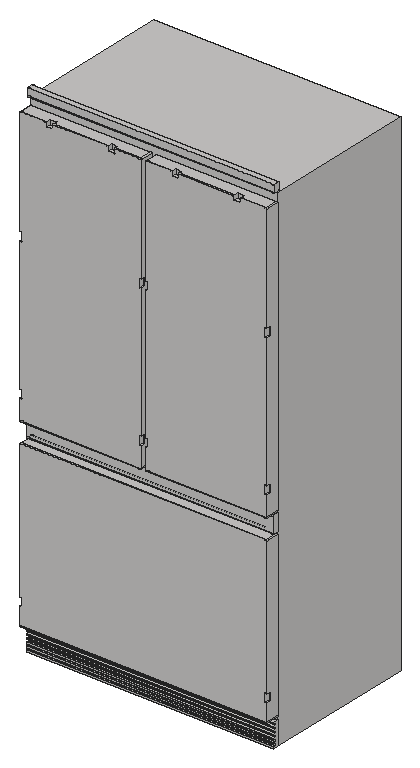
Revit family "013_FP_TheKitchenTools_RS36A72J1_CustomPanels_Fridge", category Generic Models, Revit 2013
Parameters
  Width = 896 mm
  URL = "https://www.fisherpaykel.com/nz/kitchen/fridges-freezers/french-door/"
  Model = "RS36A72J1_Fridge"
  Manufacturer = "Fisher & Paykel"
  Main = Stainless Steel, Polished
  Legs = Rubber, Black
  Height = 1824.931 mm
  Handles = Stainless Steel, Polished
  Grille = Stainless Steel, Polished
  Doors = Stainless Steel, Polished
  Depth = 606.321 mm
Reference planes
  plane 1 "Center (Front/Back)": y = 0
  plane 2: z = 0
  plane 3 "Center (Left/Right)": x = 0
  plane 4: y = 10.015
Dimensions and locks
  plane 4 to plane 1 "Center (Front/Back)" = 10.015 mm
  aligned and locked: plane 2 to level
Nested families
  nested 1: "Fridge13" at (0, 0, -0.131), type "Fridge13"
Definition of nested family "Fridge13"
  Parameters (values of type "Fridge13")
    width = 896 mm
    height = 1824.931 mm
    depth = 606.321 mm
    Main = Stainless Steel, Polished
    Legs = Rubber, Black
    Ice = Rubber, Black
    Handles = Stainless Steel, Polished
    Grille = Stainless Steel, Polished
    Doors = Stainless Steel, Polished
  Reference planes
    plane 1 "Center (Front/Back)": y = 0
    plane 2: z = 0
    plane 3 "Center (Left/Right)": x = 0
    plane 4: x = -448
    plane 5: x = 448
    plane 6: x = -445
    plane 7: x = 445
    plane 8: y = 618
    plane 9: y = 68
    plane 10: z = 1798
    plane 11: z = 1493.8
    plane 12: z = 1392.201
    plane 13: z = 1793.5
    plane 14: z = 762.6
    plane 15: z = 759.5
    plane 16: z = 697.5
    plane 17: z = 692.5
    plane 18: z = 702
    plane 19: z = 698
    plane 20: x = -438
    plane 21: x = 59
    plane 22: x = 75
    plane 23: x = 444
    plane 24 "Ice": y = 8
    plane 25: y = 18
    plane 26: y = 13
    plane 27: y = 1.046
    plane 28 "Top": z = 1824.931
    plane 29: x = 449.2
    plane 30: x = -2
    plane 31: x = 2
  Forms (mm)
    Extrusion 1, solid, material "Stainless Steel, Polished" <- "Main"
      sketch origin (0, 0, 0) x (0, 1, 0) y (0, 0, 1)
        loop
          line (621, 6.131) -> (621, 1793.631) -> (68, 1793.631) -> (68, 6.131) -> (621, 6.131)
      from -445 to 445
    Extrusion 2, solid, material "Stainless Steel, Polished" <- "Main"
      sketch origin (0, 0, 0) x (0, 1, 0) y (0, 0, 1)
        loop
          arc (51.996, 759.631) -> (51.292, 759.34) -> (51, 758.636) r 0.996
          line (51, 758.636) -> (51, 698.631)
          arc (51, 698.631) -> (51.293, 697.924) -> (52, 697.631) r 1
          line (52, 697.631) -> (67, 697.631)
          arc (67, 697.631) -> (67.707, 697.338) -> (68, 696.631) r 1
          line (68, 696.631) -> (68, 760.631)
          arc (68, 760.631) -> (67.707, 759.924) -> (67, 759.631) r 1
          line (67, 759.631) -> (51.996, 759.631)
      from -445 to 445
    Extrusion 3, solid, material "Stainless Steel, Polished" <- "Main"
      sketch origin (0, 0, 0) x (0, 1, 0) y (0, 0, 1)
        loop
          line (68, 692.631) -> (22.1, 692.631)
          arc (22.1, 692.631) -> (21.322, 692.309) -> (21, 691.531) r 1.1
          line (21, 691.531) -> (21, 101.731)
          arc (21, 101.731) -> (21.322, 100.954) -> (22.1, 100.631) r 1.1
          line (22.1, 100.631) -> (68, 100.631) -> (68, 692.631)
        loop
          line (68, 762.731) -> (68, 1763.731) -> (22.089, 1763.731)
          arc (22.089, 1763.731) -> (21.319, 1763.412) -> (21, 1762.642) r 1.089
          line (21, 1762.642) -> (21, 763.825)
          arc (21, 763.825) -> (21.32, 763.052) -> (22.093, 762.731) r 1.093
          line (22.093, 762.731) -> (68, 762.731)
      from -445 to 445
    Extrusion 4, solid, material "Stainless Steel, Polished" <- "Grille"
      sketch origin (0, 0, 0.131) x (0, 1, 0) y (0, 0, 1)
        loop
          line (68, 6) -> (68, 90.305) -> (50.5, 90) -> (50.5, 85.5) -> (58.5, 85.081) -> (58.5, 78.313) -> (50.5, 76.903) -> (50.5, 72.403) -> (58.5, 71.984) -> (58.5, 65.216) -> (50.5, 63.806) -> (50.5, 59.306) -> (58.5, 58.886) -> (58.5, 52.119) -> (50.5, 50.709) -> (50.5, 46.209) -> (58.5, 45.789) -> (58.5, 39.022) -> (50.5, 37.611) -> (50.5, 33.111) -> (58.5, 32.692) -> (58.5, 25.925) -> (50.5, 24.514) -> (50.5, 20.014) -> (58.5, 19.595) -> (58.5, 12.828) -> (50.5, 11.417) -> (50.5, 6.917) -> (68, 6)
      from -445 to 445
    Extrusion 5, solid, material "Rubber, Black" <- "Legs"
      sketch origin (0, 0, 0.131) x (0, 1, 0) y (0, 0, 1)
        loop
          line (610.248, 6) -> (577.752, 6)
          arc (577.752, 6) -> (594, 0) -> (610.248, 6) r 25
        loop
          line (114.248, 6) -> (81.752, 6)
          arc (81.752, 6) -> (98, 0) -> (114.248, 6) r 25
      from 385 to 435
    Extrusion 6, solid, material "Rubber, Black" <- "Legs"
      sketch origin (0, 0, 17.3) x (0, 1, 0) y (0, 0, -1)
        loop
          arc (610.248, 11.168) -> (594, 17.168) -> (577.752, 11.168) r 25
          line (577.752, 11.168) -> (610.248, 11.168)
        loop
          arc (114.251, 11.168) -> (98.003, 17.168) -> (81.755, 11.168) r 25
          line (81.755, 11.168) -> (114.251, 11.168)
      from 385 to 435
    Extrusion 7, solid, material "Stainless Steel, Polished" <- "Main"
      sketch origin (0, 0, 0) x (0, 1, 0) y (0, 0, 1)
        loop
          line (68, 1793.631) -> (74.8, 1793.631) -> (74.8, 1800.968) -> (68, 1800.968) -> (68, 1793.631)
      from -445 to 445
    Extrusion 8, solid, material "Stainless Steel, Polished" <- "Main"
      sketch origin (0, 0, 0) x (0, 1, 0) y (0, 0, 1)
        loop
          line (74.294, 1824.631) -> (55.298, 1824.631)
          arc (55.298, 1824.631) -> (54.946, 1824.485) -> (54.8, 1824.133) r 0.498
          line (54.8, 1824.133) -> (54.8, 1797.137)
          arc (54.8, 1797.137) -> (54.948, 1796.779) -> (55.306, 1796.631) r 0.506
          line (55.306, 1796.631) -> (74.298, 1796.631)
          arc (74.298, 1796.631) -> (74.653, 1796.779) -> (74.8, 1797.134) r 0.502
          line (74.8, 1797.134) -> (74.8, 1824.125)
          arc (74.8, 1824.125) -> (74.652, 1824.483) -> (74.294, 1824.631) r 0.506
      from -445 to 445
    Extrusion 9, void
      sketch origin (0, 0, 0) x (1, 0, 0) y (0, 0, 1)
        loop
          arc (-441.5, 100.631) -> (-443.929, 101.61) -> (-445, 104) r 3.503
          line (-445, 104) -> (-445, 100.631) -> (-441.5, 100.631)
        loop
          line (441.5, 100.631) -> (445, 100.631) -> (445, 104)
          arc (445, 104) -> (443.929, 101.61) -> (441.5, 100.631) r 3.503
        loop
          line (445, 689.131) -> (445, 692.631) -> (441.5, 692.631)
          arc (441.5, 692.631) -> (443.975, 691.606) -> (445, 689.131) r 3.5
        loop
          arc (-445, 689.131) -> (-443.975, 691.606) -> (-441.5, 692.631) r 3.5
          line (-441.5, 692.631) -> (-445, 692.631) -> (-445, 689.131)
        loop
          line (445, 762.731) -> (445, 766.231)
          arc (445, 766.231) -> (443.975, 763.756) -> (441.5, 762.731) r 3.5
          line (441.5, 762.731) -> (445, 762.731)
        loop
          line (7.75, 766.231) -> (7.75, 1760.231)
          arc (7.75, 1760.231) -> (8.775, 1762.706) -> (11.25, 1763.731) r 3.5
          line (11.25, 1763.731) -> (-11.25, 1763.731)
          arc (-11.25, 1763.731) -> (-8.775, 1762.706) -> (-7.75, 1760.231) r 3.5
          line (-7.75, 1760.231) -> (-7.75, 766.231)
          arc (-7.75, 766.231) -> (-8.775, 763.756) -> (-11.25, 762.731) r 3.5
          line (-11.25, 762.731) -> (11.25, 762.731)
          arc (11.25, 762.731) -> (8.775, 763.756) -> (7.75, 766.231) r 3.5
        loop
          line (445, 1760.231) -> (445, 1763.731) -> (441.5, 1763.731)
          arc (441.5, 1763.731) -> (443.975, 1762.706) -> (445, 1760.231) r 3.5
        loop
          line (-445, 762.731) -> (-441.5, 762.731)
          arc (-441.5, 762.731) -> (-443.975, 763.756) -> (-445, 766.231) r 3.5
          line (-445, 766.231) -> (-445, 762.731)
        loop
          arc (-445, 1760.231) -> (-443.975, 1762.706) -> (-441.5, 1763.731) r 3.5
          line (-441.5, 1763.731) -> (-445, 1763.731) -> (-445, 1760.231)
      from -68 to -21
    Extrusion 10, void
      sketch origin (0, 0, 0) x (1, 0, 0) y (0, 0, 1)
        loop
          line (-445, 166.631) -> (-437.8, 166.631) -> (-437.8, 196.631) -> (-445, 196.631) -> (-445, 166.631)
        loop
          line (445, 166.631) -> (445, 196.631) -> (437.8, 196.631) -> (437.8, 166.631) -> (445, 166.631)
        loop
          line (-445, 838.731) -> (-437.8, 838.731) -> (-437.8, 868.731) -> (-445, 868.731) -> (-445, 838.731)
        loop
          line (-7.75, 838.731) -> (-7.75, 868.731) -> (-14.95, 868.731) -> (-14.95, 838.731) -> (-7.75, 838.731)
        loop
          line (-445, 1346.231) -> (-437.8, 1346.231) -> (-437.8, 1376.231) -> (-445, 1376.231) -> (-445, 1346.231)
        loop
          line (-7.75, 1346.231) -> (-7.75, 1376.231) -> (-14.95, 1376.231) -> (-14.95, 1346.231) -> (-7.75, 1346.231)
        loop
          line (-349.25, 1763.731) -> (-349.25, 1747.131) -> (-326.25, 1747.131) -> (-326.25, 1763.731) -> (-349.25, 1763.731)
        loop
          line (-126.5, 1763.731) -> (-126.5, 1747.131) -> (-103.5, 1747.131) -> (-103.5, 1763.731) -> (-126.5, 1763.731)
        loop
          line (445, 838.731) -> (445, 868.731) -> (437.8, 868.731) -> (437.8, 838.731) -> (445, 838.731)
        loop
          line (7.75, 838.731) -> (14.95, 838.731) -> (14.95, 868.731) -> (7.75, 868.731) -> (7.75, 838.731)
        loop
          line (445, 1346.231) -> (445, 1376.231) -> (437.8, 1376.231) -> (437.8, 1346.231) -> (445, 1346.231)
        loop
          line (7.75, 1346.231) -> (14.95, 1346.231) -> (14.95, 1376.231) -> (7.75, 1376.231) -> (7.75, 1346.231)
        loop
          line (349.25, 1763.731) -> (326.25, 1763.731) -> (326.25, 1747.131) -> (349.25, 1747.131) -> (349.25, 1763.731)
        loop
          line (126.5, 1763.731) -> (103.5, 1763.731) -> (103.5, 1747.131) -> (126.5, 1747.131) -> (126.5, 1763.731)
      from -36 to -21
  Cuts and joins
    Extrusion 9 cuts Extrusion 1
    Extrusion 9, Extrusion 10 cuts Extrusion 3
  Dimensions and locks
    "width": plane 4 to plane 5
    locked: plane 6 to plane 20 at 7
    plane 3 "Center (Left/Right)" to plane 21 = 59 mm
    plane 3 "Center (Left/Right)" to plane 22 = 75 mm
    level to Extrusion 5 = 6.131 mm
    plane 23 to plane 5 = 4 mm
    equal spacing: plane 25, plane 26, plane 24 "Ice"
    locked: plane 27 to plane 1 "Center (Front/Back)" at 1.046
    "height": plane 28 "Top" to level
    equal spacing: plane 31, plane 3 "Center (Left/Right)", plane 30
    plane 3 "Center (Left/Right)" to plane 30 = 2 mm
    aligned and locked: plane 2 to level
  Automatic sketch dimensions
    Extrusion 1 sketch curve to plane 9 = 0 mm
    plane 8 to Extrusion 1 sketch curve = 3 mm
    plane 13 to Extrusion 1 sketch curve = 0.131 mm
    level to Extrusion 1 sketch curve = 6.131 mm
    plane 15 to Extrusion 2 sketch curve = 0.131 mm
    plane 16 to Extrusion 2 sketch curve = 0.131 mm
    Extrusion 2 sketch curve to plane 9 = 0 mm
    Extrusion 2 sketch curve to plane 16 = 0.869 mm
    Extrusion 2 sketch curve to plane 9 = 1 mm
    Extrusion 2 sketch curve to Extrusion 2 sketch curve = 15 mm
    Extrusion 2 sketch curve to Extrusion 2 sketch curve = 15.004 mm
    plane 19 to Extrusion 2 sketch curve = 0.631 mm
    plane 14 to Extrusion 3 sketch curve = 0.131 mm
    plane 17 to Extrusion 3 sketch curve = 0.131 mm
    Extrusion 3 sketch curve to plane 9 = 0 mm  (x2)
    level to Extrusion 3 sketch curve = 100.631 mm
    Extrusion 3 sketch curve to plane 1 "Center (Front/Back)" = 22.1 mm  (x2)
    Extrusion 3 sketch curve to plane 1 "Center (Front/Back)" = 22.093 mm
    Extrusion 3 sketch curve to plane 1 "Center (Front/Back)" = 22.089 mm
    Extrusion 3 sketch curve to plane 17 = 0.969 mm
    plane 14 to Extrusion 3 sketch curve = 1.225 mm
    Extrusion 3 sketch curve to plane 13 = 30.858 mm
    Extrusion 4 sketch curve to plane 9 = 0 mm
    level to Extrusion 4 sketch curve = 6.131 mm
    Extrusion 4 sketch curve to plane 9 = 9.5 mm  (x3)
    Extrusion 4 sketch curve to Extrusion 4 sketch curve = 0 mm  (x3)
    Extrusion 4 sketch curve to Extrusion 4 sketch curve = 8 mm  (x7)
    level to Extrusion 4 sketch curve = 7.049 mm
    Extrusion 4 sketch curve to Extrusion 4 sketch curve = 4.5 mm  (x7)
    Extrusion 4 sketch curve to Extrusion 4 sketch curve = 1.411 mm
    Extrusion 4 sketch curve to Extrusion 4 sketch curve = 6.767 mm  (x6)
    Extrusion 4 sketch curve to Extrusion 4 sketch curve = 0.419 mm  (x6)
    Extrusion 4 sketch curve to Extrusion 4 sketch curve = 6.33 mm  (x5)
    Extrusion 4 sketch curve to Extrusion 4 sketch curve = 5.225 mm
    level to Extrusion 5 sketch curve = 6.131 mm  (x2)
    plane 9 to Extrusion 5 sketch curve = 13.752 mm
    Extrusion 5 sketch curve to Extrusion 5 sketch curve = 32.496 mm
    Extrusion 5 sketch curve to plane 8 = 40.248 mm
    Extrusion 5 sketch curve to plane 8 = 7.752 mm
    Extrusion 5 sketch curve to Extrusion 5 sketch curve = 19 mm  (x2)
    level to Extrusion 6 sketch curve = 6.131 mm  (x2)
    plane 9 to Extrusion 6 sketch curve = 13.755 mm
    Extrusion 6 sketch curve to Extrusion 6 sketch curve = 32.496 mm
    Extrusion 6 sketch curve to plane 8 = 40.248 mm
    Extrusion 6 sketch curve to plane 8 = 7.752 mm
    Extrusion 6 sketch curve to Extrusion 6 sketch curve = 19 mm  (x2)
    Extrusion 7 sketch curve to plane 9 = 0 mm
    plane 13 to Extrusion 7 sketch curve = 0.131 mm
    plane 10 to Extrusion 7 sketch curve = 2.968 mm
    Extrusion 7 sketch curve to Extrusion 7 sketch curve = 6.8 mm
    Extrusion 8 sketch curve to plane 10 = 0.863 mm
    Extrusion 8 sketch curve to plane 9 = 13.2 mm
    Extrusion 8 sketch curve to plane 10 = 1.369 mm
    Extrusion 8 sketch curve to plane 28 "Top" = 0.3 mm
    Extrusion 8 sketch curve to Extrusion 8 sketch curve = 0.498 mm
    plane 9 to Extrusion 8 sketch curve = 6.294 mm
    plane 9 to Extrusion 8 sketch curve = 6.298 mm
    Extrusion 8 sketch curve to Extrusion 8 sketch curve = 0.506 mm
    Extrusion 9 sketch curve to plane 6 = 0 mm  (x4)
    Extrusion 9 sketch curve to plane 7 = 0 mm  (x4)
    level to Extrusion 9 sketch curve = 100.631 mm  (x2)
    plane 6 to Extrusion 9 sketch curve = 3.5 mm
    plane 17 to Extrusion 9 sketch curve = 0.131 mm  (x2)
    Extrusion 9 sketch curve to Extrusion 9 sketch curve = 3.5 mm  (x5)
    plane 14 to Extrusion 9 sketch curve = 0.131 mm  (x3)
    Extrusion 9 sketch curve to plane 20 = 3.5 mm
    Extrusion 9 sketch curve to plane 30 = 9.25 mm  (x2)
    plane 31 to Extrusion 9 sketch curve = 9.25 mm
    Extrusion 9 sketch curve to plane 23 = 2.5 mm  (x4)
    Extrusion 9 sketch curve to Extrusion 9 sketch curve = 3.369 mm  (x2)
    Extrusion 9 sketch curve to plane 13 = 33.269 mm  (x3)
    Extrusion 9 sketch curve to Extrusion 9 sketch curve = 0 mm
    Extrusion 10 sketch curve to plane 6 = 0 mm  (x3)
    Extrusion 10 sketch curve to plane 7 = 0 mm  (x3)
    level to Extrusion 10 sketch curve = 166.631 mm  (x2)
    plane 20 to Extrusion 10 sketch curve = 0.2 mm  (x3)
    plane 20 to Extrusion 10 sketch curve = 88.75 mm
    Extrusion 10 sketch curve to Extrusion 10 sketch curve = 23 mm  (x4)
    Extrusion 10 sketch curve to plane 13 = 46.369 mm  (x3)
    Extrusion 10 sketch curve to plane 30 = 124.5 mm
    Extrusion 10 sketch curve to plane 30 = 12.95 mm  (x2)
    Extrusion 10 sketch curve to plane 30 = 5.75 mm  (x2)
    plane 31 to Extrusion 10 sketch curve = 5.75 mm  (x2)
    Extrusion 10 sketch curve to Extrusion 10 sketch curve = 7.2 mm  (x2)
    plane 22 to Extrusion 10 sketch curve = 28.5 mm
    Extrusion 10 sketch curve to plane 13 = 29.769 mm
    Extrusion 10 sketch curve to plane 23 = 117.75 mm
    Extrusion 10 sketch curve to plane 23 = 6.2 mm  (x3)
    Extrusion 10 sketch curve to Extrusion 10 sketch curve = 30 mm  (x5)
    plane 14 to Extrusion 10 sketch curve = 76.131 mm  (x3)
    Extrusion 10 sketch curve to Extrusion 10 sketch curve = 0 mm  (x4)
    Extrusion 10 sketch curve to plane 12 = 45.969 mm  (x3)
    Extrusion 10 sketch curve to plane 12 = 15.969 mm  (x3)
    Extrusion 10 sketch curve to Extrusion 10 sketch curve = 16.6 mm  (x4)
